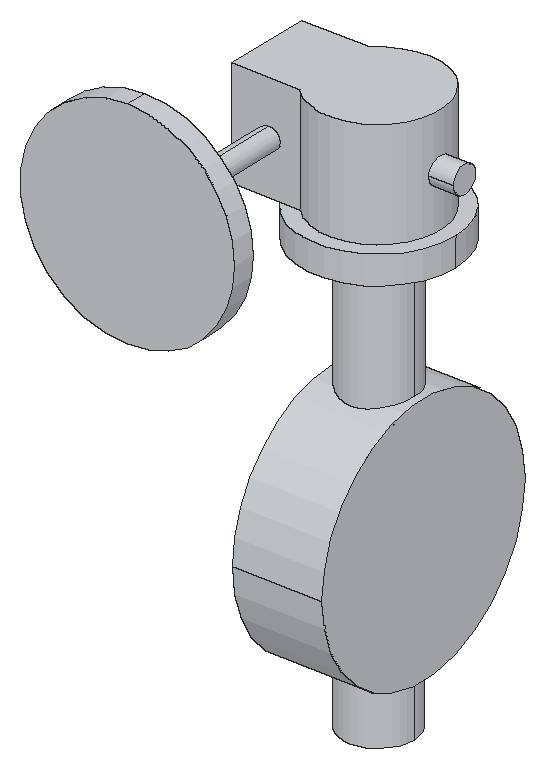
Revit family "HS497-68_disk-nerez_převodové kolo DN100-RFA_2018", category Pipe Accessories, Revit 2018
Family settings
  Round Connector Dimension = Use Diameter
  Part Type = Valve - Breaks Into
  Work Plane-Based = No
  Always vertical = Yes
  Cut with Voids When Loaded = No
  Shared = No
Parameters (values of type "HS 497-68_DN100_PN16_převodové kolo")
  magiProductId = "11e91b807e674d428c8e796fcdcfe2"
  magiProductFamilyId = "53cea81e6f374d17b8841d9c72ad77"
  magiPartTypeId = 305
  isMeasuringValve [instance] = no
  ang2D [instance] = 0.00°
  X11 = 61.456 mm
  X1 = 25.456 mm
  W2D = 1000 mm
  VersionID = "2.0/2017.9.26.1/ZETKAMA_497_001"
  Use Minimum Symbol Size [instance] = yes
  URL = "http://www.hydronic.cz"
  Type Comments = "mezipřírubová; nerezový disk; PN16; -10~+110°C (krátkodobě +120°C)"
  SW30 = yes
  SW3 = yes
  SW21 = no
  SW20 = no
  SW2 = no
  SW1 = no
  R = 50 mm
  QmdConnectorList = "301;D;302;D"
  Productdata [instance] = ""
  NC = 50 mm
  Manufacturer = "Hydronic Systems Prague s.r.o."
  MM20 = 25.456 mm
  MC Product Code = "126 100 (nerezový disk, s převodovým kolem; DN100; PN16, kvs512)"
  M41 = 65.25 mm
  M4 = 43.5 mm
  LHL = 220 mm
  LHH3 = 2.45 mm
  LHH1 = 46.55 mm
  LH1 = 73.333 mm
  L4R__ve = -L4R  # -12.8 mm
  L4R = 12.8 mm
  L42__ve = -L42  # -96 mm
  L42 = 96 mm
  L41__ve = -L41  # -19.2 mm
  L41 = 19.2 mm
  L2D_Min = 3048 mm
  L2D = 216 mm
  L2 = 26 mm
  L1 = 41.6 mm
  L = 52 mm
  H = 30 mm
  G22 = 11.25 mm
  G2 = 22.5 mm
  G1 = 90 mm
  G = 90 mm
  F = 11 mm
  E44 = 31.25 mm
  E42 = 62.5 mm
  E4 = 125 mm
  E23 = 4.9 mm
  E22 = 19.6 mm
  E21 = 9.8 mm
  Description = "Mezipřírubová uzavírací klapka s převodovým kolem; nerezový disk, DN100; PN16; kvs512"
  DR2 = 50 mm
  DR = 147 mm
  DD1 = 15.625 mm
  DD = 12.5 mm
  D = 100 mm
  CAT0 = yes
  B2__ve = -B2  # -56 mm
  B2 = 56 mm
  A2 = 16.5 mm
  A1 = 98.5 mm
Types (43, lengths in mm): name | magiProductId | X11 | X1 | Type Comments | SW30 | SW3 | SW20 | SW2 | SW1 | R | NC | Manufacturer | MM20 | MC Product Code | M41 | M4 | LHL | LHH3 | LHH1 | LH1 | L4R__ve | L4R | L42__ve | L42 | L41__ve | L41 | L2 | L1 | L | H | G | F | E44 | E42 | E4 | E23 | E22 | E21 | Description | DR2 | DR | DD1 | DD | D | B2__ve | B2 | A2 | A1
  HS 497-68_DN100_PN16_volné vřeteno | "65d1b245f4f142c78569c0602d5754" | 61.456 | 25.456 | "mezipřírubová; nerezový disk; PN16; -10~+110°C (krátkodobě +120°C)" | no | no | no | no | yes | 50 | 50 | "Hydronic Systems Prague s.r.o." | 25.456 | "124 100 (nerezový disk, s volným vřetenem; DN100; PN16, kvs512)" | 66 | 44 | 220 | 2.45 | 46.55 | 73.333 | -12.8 | 12.8 | -96 | 96 | -19.2 | 19.2 | 26 | 41.6 | 52 | 30 | 90 | 11 | 31.25 | 62.5 | 125 | 4.9 | 19.6 | 9.8 | "Mezipřírubová uzavírací klapka s volným vřetenem; nerezový disk, DN100; PN16; kvs512" | 50 | 147 | 15.625 | 12.5 | 100 | -56 | 56 | 16.5 | 98.5
  HS 497-68_DN100_PN16_převodové kolo | "11e91b807e674d428c8e796fcdcfe2" | 61.456 | 25.456 | "mezipřírubová; nerezový disk; PN16; -10~+110°C (krátkodobě +120°C)" | yes | yes | no | no | no | 50 | 50 | "Hydronic Systems Prague s.r.o." | 25.456 | "126 100 (nerezový disk, s převodovým kolem; DN100; PN16, kvs512)" | 65.25 | 43.5 | 220 | 2.45 | 46.55 | 73.333 | -12.8 | 12.8 | -96 | 96 | -19.2 | 19.2 | 26 | 41.6 | 52 | 30 | 90 | 11 | 31.25 | 62.5 | 125 | 4.9 | 19.6 | 9.8 | "Mezipřírubová uzavírací klapka s převodovým kolem; nerezový disk, DN100; PN16; kvs512" | 50 | 147 | 15.625 | 12.5 | 100 | -56 | 56 | 16.5 | 98.5
  HS 497-68_DN100_PN16_s pákou | "28172f0b3f4b47b28323ac71cf8749" | 61.456 | 25.456 | "mezipřírubová; nerezový disk; PN16; -10~+110°C (krátkodobě +120°C)" | no | no | yes | yes | no | 50 | 50 | "Hydronic Systems Prague s.r.o." | 25.456 | "121 100 (nerezový disk, s pákou; DN100; PN16, kvs512)" | 66 | 44 | 260 | 3 | 57 | 86.667 | -12.8 | 12.8 | -96 | 96 | -19.2 | 19.2 | 26 | 41.6 | 52 | 30 | 90 | 11 | 31.25 | 62.5 | 125 | 6 | 24 | 12 | "Mezipřírubová uzavírací klapka s pákou; nerezový disk, DN100; PN16; kvs512" | 50 | 147 | 15.625 | 12.5 | 100 | -56 | 56 | 16.5 | 98.5
  HS 497-68_DN125_PN16_volné vřeteno | "0d813d910fc14f628bb3c2efbd185c" | 61.456 | 25.456 | "mezipřírubová; nerezový disk; PN16; -10~+110°C (krátkodobě +120°C)" | no | no | no | no | yes | 62.5 | 50 | "Hydronic Systems Prague s.r.o." | 25.456 | "124 125 (nerezový disk, s volným vřetenem; DN125; PN16, kvs872)" | 66 | 44 | 220 | 2.45 | 46.55 | 73.333 | -12.8 | 12.8 | -96 | 96 | -19.2 | 19.2 | 28 | 44.8 | 56 | 33 | 90 | 14 | 31.25 | 62.5 | 125 | 4.9 | 19.6 | 9.8 | "Mezipřírubová uzavírací klapka s volným vřetenem; nerezový disk, DN125; PN16; kvs872" | 62.5 | 180 | 15.625 | 12.5 | 125 | -64 | 64 | 18 | 99.5
  HS 497-68_DN125_PN16_převodové kolo | "c56b7c13f372467684996fb1e0e229" | 61.456 | 25.456 | "mezipřírubová; nerezový disk; PN16; -10~+110°C (krátkodobě +120°C)" | yes | yes | no | no | no | 62.5 | 50 | "Hydronic Systems Prague s.r.o." | 25.456 | "126125 (nerezový disk, s převodovým kolem; DN125; PN16, kvs872)" | 65.25 | 43.5 | 220 | 2.45 | 46.55 | 73.333 | -13.5 | 13.5 | -101.25 | 101.25 | -20.25 | 20.25 | 28 | 44.8 | 56 | 33 | 90 | 14 | 40 | 80 | 160 | 4.9 | 19.6 | 9.8 | "Mezipřírubová uzavírací klapka s převodovým kolem; nerezový disk, DN125; PN16; kvs872" | 62.5 | 180 | 20 | 16 | 125 | -64 | 64 | 18 | 99.5
  HS 497-68_DN125_PN16_s pákou | "105993c79a91492399feef7931321a" | 61.456 | 25.456 | "mezipřírubová; nerezový disk; PN16; -10~+110°C (krátkodobě +120°C)" | no | no | yes | yes | no | 62.5 | 50 | "Hydronic Systems Prague s.r.o." | 25.456 | "121 125 (nerezový disk, s pákou; DN125; PN16, kvs872)" | 66 | 44 | 315 | 3.75 | 71.25 | 105 | -12.8 | 12.8 | -96 | 96 | -19.2 | 19.2 | 28 | 44.8 | 56 | 33 | 90 | 14 | 31.25 | 62.5 | 125 | 7.5 | 30 | 15 | "Mezipřírubová uzavírací klapka s pákou; nerezový disk, DN125; PN16; kvs872" | 62.5 | 180 | 15.625 | 12.5 | 125 | -64 | 64 | 18 | 99.5
  HS 497-68_DN150_PN16_volné vřeteno | "50c80cb8ab434f55ab7796e5ac1331" | 61.456 | 25.456 | "mezipřírubová; nerezový disk; PN16; -10~+110°C (krátkodobě +120°C)" | no | no | no | no | yes | 75 | 50 | "Hydronic Systems Prague s.r.o." | 25.456 | "124 150 (nerezový disk, s volným vřetenem; DN150; PN16, kvs1347)" | 66 | 44 | 220 | 2.45 | 46.55 | 73.333 | -12.8 | 12.8 | -96 | 96 | -19.2 | 19.2 | 28 | 44.8 | 56 | 33 | 90 | 14 | 31.25 | 62.5 | 125 | 4.9 | 19.6 | 9.8 | "Mezipřírubová uzavírací klapka s volným vřetenem; nerezový disk, DN150; PN16; kvs1347" | 75 | 206 | 15.625 | 12.5 | 150 | -58 | 58 | 19.3 | 98.7
  HS 497-68_DN150_PN16_převodové kolo | "d94a1a0cf83b476eb10011b327f709" | 61.456 | 25.456 | "mezipřírubová; nerezový disk; PN16; -10~+110°C (krátkodobě +120°C)" | yes | yes | no | no | no | 75 | 50 | "Hydronic Systems Prague s.r.o." | 25.456 | "126 150 (nerezový disk, s převodovým kolem; DN150; PN16, kvs1347)" | 65.25 | 43.5 | 220 | 2.45 | 46.55 | 73.333 | -13.5 | 13.5 | -101.25 | 101.25 | -20.25 | 20.25 | 28 | 44.8 | 56 | 33 | 90 | 14 | 40 | 80 | 160 | 4.9 | 19.6 | 9.8 | "Mezipřírubová uzavírací klapka s převodovým kolem; nerezový disk, DN150; PN16; kvs1347" | 75 | 206 | 20 | 16 | 150 | -58 | 58 | 19.3 | 98.7
  HS 497-68_DN150_PN16_s pákou | "4d2835523fe84828bc50ff0a5a0dfb" | 61.456 | 25.456 | "mezipřírubová; nerezový disk; PN16; -10~+110°C (krátkodobě +120°C)" | no | no | yes | yes | no | 75 | 50 | "Hydronic Systems Prague s.r.o." | 25.456 | "121 150 (nerezový disk, s pákou; DN150; PN16, kvs1347)" | 66 | 44 | 315 | 3.75 | 71.25 | 105 | -12.8 | 12.8 | -96 | 96 | -19.2 | 19.2 | 28 | 44.8 | 56 | 33 | 90 | 14 | 31.25 | 62.5 | 125 | 7.5 | 30 | 15 | "Mezipřírubová uzavírací klapka s pákou; nerezový disk, DN150; PN16; kvs1347" | 75 | 206 | 15.625 | 12.5 | 150 | -58 | 58 | 19.3 | 98.7
  HS 497-68_DN200_PN16_volné vřeteno | "5b29029eaeba47139ee1055a4b9201" | 61.456 | 25.456 | "mezipřírubová; nerezový disk; PN16; -10~+110°C (krátkodobě +120°C)" | no | no | no | no | yes | 100 | 50 | "Hydronic Systems Prague s.r.o." | 25.456 | "124 200 (nerezový disk, s volným vřetenem; DN200; PN16, kvs2675)" | 66 | 44 | 220 | 2.45 | 46.55 | 73.333 | -12.8 | 12.8 | -96 | 96 | -19.2 | 19.2 | 30 | 48 | 60 | 33 | 90 | 17 | 31.25 | 62.5 | 125 | 4.9 | 19.6 | 9.8 | "Mezipřírubová uzavírací klapka s volným vřetenem; nerezový disk, DN200; PN16; kvs2675" | 100 | 257 | 15.625 | 12.5 | 200 | -70 | 70 | 22.5 | 102.5
  HS 497-68_DN200_PN16_převodové kolo | "b2793cc1fcc44cf2a35062cd67c04f" | 61.456 | 25.456 | "mezipřírubová; nerezový disk; PN16; -10~+110°C (krátkodobě +120°C)" | yes | yes | no | no | no | 100 | 57 | "Hydronic Systems Prague s.r.o." | 25.456 | "126 200 (nerezový disk, s převodovým kolem; DN200; PN16, kvs2675)" | 78.75 | 52.5 | 220 | 2.45 | 46.55 | 73.333 | -15.2 | 15.2 | -114 | 114 | -22.8 | 22.8 | 30 | 48 | 60 | 33 | 90 | 17 | 50 | 100 | 200 | 4.9 | 19.6 | 9.8 | "Mezipřírubová uzavírací klapka s převodovým kolem; nerezový disk, DN200; PN16; kvs2675" | 100 | 257 | 25 | 20 | 200 | -70 | 70 | 22.5 | 102.5
  HS 497-68_DN200_PN16_s pákou | "f88d96c7af224537a51e72d7d8fffe" | 61.456 | 25.456 | "mezipřírubová; nerezový disk; PN16; -10~+110°C (krátkodobě +120°C)" | no | no | yes | yes | no | 100 | 50 | "Hydronic Systems Prague s.r.o." | 25.456 | "121 200 (nerezový disk, s pákou; DN200; PN16, kvs2675)" | 66 | 44 | 315 | 3.75 | 71.25 | 105 | -12.8 | 12.8 | -96 | 96 | -19.2 | 19.2 | 30 | 48 | 60 | 33 | 90 | 17 | 31.25 | 62.5 | 125 | 7.5 | 30 | 15 | "Mezipřírubová uzavírací klapka s pákou; nerezový disk, DN200; PN16; kvs2675" | 100 | 257 | 15.625 | 12.5 | 200 | -70 | 70 | 22.5 | 102.5
  HS 497-68_DN250_PN16_volné vřeteno | "b662e8305ca2402b9c510e66e6aa55" | 88.77 | 36.77 | "mezipřírubová; nerezový disk; PN16; -10~+110°C (krátkodobě +120°C)" | no | no | no | no | yes | 125 | 50 | "Hydronic Systems Prague s.r.o." | 36.77 | "124 250 (nerezový disk, s volným vřetenem; DN250; PN16, kvs4555)" | 66 | 44 | 220 | 2.45 | 46.55 | 73.333 | -12.8 | 12.8 | -96 | 96 | -19.2 | 19.2 | 34 | 54.4 | 68 | 23 | 130 | 22 | 31.25 | 62.5 | 125 | 4.9 | 19.6 | 9.8 | "Mezipřírubová uzavírací klapka s volným vřetenem; nerezový disk, DN250; PN16; kvs4555" | 125 | 324 | 15.625 | 12.5 | 250 | -85 | 85 | 28.25 | 129.25
  HS 497-68_DN250_PN16_převodové kolo | "5ee9016806664ddfaa2632711f295c" | 88.77 | 36.77 | "mezipřírubová; nerezový disk; PN16; -10~+110°C (krátkodobě +120°C)" | yes | yes | no | no | no | 125 | 70 | "Hydronic Systems Prague s.r.o." | 36.77 | "126 250 (nerezový disk, s převodovým kolem; DN250; PN16, kvs4555)" | 91.5 | 61 | 220 | 2.45 | 46.55 | 73.333 | -22.2 | 22.2 | -166.5 | 166.5 | -33.3 | 33.3 | 34 | 54.4 | 68 | 23 | 130 | 22 | 62.5 | 125 | 250 | 4.9 | 19.6 | 9.8 | "Mezipřírubová uzavírací klapka s převodovým kolem; nerezový disk, DN250; PN16; kvs4555" | 125 | 324 | 31.25 | 25 | 250 | -85 | 85 | 28.25 | 129.25
  HS 497-68_DN300_PN16_volné vřeteno | "e1886f51ff004380a649519258edf2" | 88.77 | 36.77 | "mezipřírubová; nerezový disk; PN16; -10~+110°C (krátkodobě +120°C)" | no | no | no | no | yes | 150 | 50 | "Hydronic Systems Prague s.r.o." | 36.77 | "124 300 (nerezový disk, s volným vřetenem; DN300; PN16, kvs7037)" | 66 | 44 | 220 | 2.45 | 46.55 | 73.333 | -12.8 | 12.8 | -96 | 96 | -19.2 | 19.2 | 39 | 62.4 | 78 | 23 | 130 | 22 | 31.25 | 62.5 | 125 | 4.9 | 19.6 | 9.8 | "Mezipřírubová uzavírací klapka s volným vřetenem; nerezový disk, DN300; PN16; kvs7037" | 150 | 376 | 15.625 | 12.5 | 300 | -90 | 90 | 30.8 | 127.2
  HS 497-68_DN300_PN16_převodové kolo | "6860f094f77d42088fbebc3c97f755" | 88.77 | 36.77 | "mezipřírubová; nerezový disk; PN16; -10~+110°C (krátkodobě +120°C)" | yes | yes | no | no | no | 150 | 70 | "Hydronic Systems Prague s.r.o." | 36.77 | "126 300 (nerezový disk, s převodovým kolem; DN300; PN16, kvs7037)" | 91.5 | 61 | 220 | 2.45 | 46.55 | 73.333 | -22.2 | 22.2 | -166.5 | 166.5 | -33.3 | 33.3 | 39 | 62.4 | 78 | 23 | 130 | 22 | 62.5 | 125 | 250 | 4.9 | 19.6 | 9.8 | "Mezipřírubová uzavírací klapka s převodovým kolem; nerezový disk, DN300; PN16; kvs7037" | 150 | 376 | 31.25 | 25 | 300 | -90 | 90 | 30.8 | 127.2
  HS 497-68_DN032_PN16_volné vřeteno | "8c5f65de52aa4067a77564107e31b2" | 61.456 | 25.456 | "mezipřírubová; nerezový disk; PN16; -10~+110°C (krátkodobě +120°C)" | no | no | no | no | yes | 16 | 50 | "Hydronic Systems Prague s.r.o." | 25.456 | "124 032 (nerezový disk, s volným vřetenem; DN32; PN16, kvs78)" | 66 | 44 | 220 | 2.45 | 46.55 | 73.333 | -12.8 | 12.8 | -96 | 96 | -19.2 | 19.2 | 16.5 | 26.4 | 33 | 30 | 90 | 11 | 31.25 | 62.5 | 125 | 4.9 | 19.6 | 9.8 | "Mezipřírubová uzavírací klapka s volným vřetenem; nerezový disk, DN32; PN16; kvs78" | 16 | 68 | 15.625 | 12.5 | 32 | -44.2 | 44.2 | 10.25 | 76.25
  HS 497-68_DN032_PN16_převodové kolo | "60aaeffa8b3a4e809ef000e4660060" | 61.456 | 25.456 | "mezipřírubová; nerezový disk; PN16; -10~+110°C (krátkodobě +120°C)" | yes | yes | no | no | no | 16 | 50 | "Hydronic Systems Prague s.r.o." | 25.456 | "126 032 (nerezový disk, s převodovým kolem; DN32; PN16, kvs78)" | 65.25 | 43.5 | 220 | 2.45 | 46.55 | 73.333 | -12.8 | 12.8 | -96 | 96 | -19.2 | 19.2 | 16.5 | 26.4 | 33 | 30 | 90 | 11 | 31.25 | 62.5 | 125 | 4.9 | 19.6 | 9.8 | "Mezipřírubová uzavírací klapka s převodovým kolem; nerezový disk, DN32; PN16; kvs78" | 16 | 68 | 15.625 | 12.5 | 32 | -44.2 | 44.2 | 10.25 | 76.25
  HS 497-68_DN032_PN16_s pákou | "9ad8088d610749a1b871aa2aad8007" | 61.456 | 25.456 | "mezipřírubová; nerezový disk; PN16; -10~+110°C (krátkodobě +120°C)" | no | no | yes | yes | no | 16 | 50 | "Hydronic Systems Prague s.r.o." | 25.456 | "121 032 (nerezový disk, s pákou; DN32; PN16, kvs78)" | 66 | 44 | 220 | 2.45 | 46.55 | 73.333 | -12.8 | 12.8 | -96 | 96 | -19.2 | 19.2 | 16.5 | 26.4 | 33 | 30 | 90 | 11 | 31.25 | 62.5 | 125 | 4.9 | 19.6 | 9.8 | "Mezipřírubová uzavírací klapka s pákou; nerezový disk, DN32; PN16; kvs78" | 16 | 68 | 15.625 | 12.5 | 32 | -44.2 | 44.2 | 10.25 | 76.25
  HS 497-68_DN350_PN10_volné vřeteno | "72a1e05f22944421b7e9596a877137" | 109.255 | 45.255 | "mezipřírubová; nerezový disk; PN10; -10~+110°C (krátkodobě +120°C)" | no | no | no | no | yes | 175 | 50 | "Hydronic Systems Prague s.r.o." | 45.255 | "124 350 (nerezový disk, s volným vřetenem; DN350; PN10, kvs10165)" | 66 | 44 | 220 | 2.45 | 46.55 | 73.333 | -12.8 | 12.8 | -96 | 96 | -19.2 | 19.2 | 39 | 62.4 | 78 | 31 | 160 | 22 | 31.25 | 62.5 | 125 | 4.9 | 19.6 | 9.8 | "Mezipřírubová uzavírací klapka s volným vřetenem; nerezový disk, DN350; PN10; kvs10165" | 175 | 430 | 15.625 | 12.5 | 350 | -88 | 88 | 33.85 | 129.65
  HS 497-68_DN350_PN10_převodové kolo | "a5a01426cb28494ba3afca92f1dace" | 109.255 | 45.255 | "mezipřírubová; nerezový disk; PN10; -10~+110°C (krátkodobě +120°C)" | yes | yes | no | no | no | 175 | 70 | "Hydronic Systems Prague s.r.o." | 45.255 | "126 350 (nerezový disk, s převodovým kolem; DN350; PN10, kvs10165)" | 91.5 | 61 | 220 | 2.45 | 46.55 | 73.333 | -22.2 | 22.2 | -166.5 | 166.5 | -33.3 | 33.3 | 39 | 62.4 | 78 | 31 | 160 | 22 | 62.5 | 125 | 250 | 4.9 | 19.6 | 9.8 | "Mezipřírubová uzavírací klapka s převodovým kolem; nerezový disk, DN350; PN10; kvs10165" | 175 | 430 | 31.25 | 25 | 350 | -88 | 88 | 33.85 | 129.65
  HS 497-68_DN400_PN10_volné vřeteno | "c70ebeb927c04ab99b176e257ad0a7" | 109.255 | 45.255 | "mezipřírubová; nerezový disk; PN10; -10~+110°C (krátkodobě +120°C)" | no | no | no | no | yes | 200 | 50 | "Hydronic Systems Prague s.r.o." | 45.255 | "124 400 (nerezový disk, s volným vřetenem; DN400; PN10, kvs13799)" | 66 | 44 | 220 | 2.45 | 46.55 | 73.333 | -12.8 | 12.8 | -96 | 96 | -19.2 | 19.2 | 51 | 81.6 | 102 | 31 | 160 | 27 | 31.25 | 62.5 | 125 | 4.9 | 19.6 | 9.8 | "Mezipřírubová uzavírací klapka s volným vřetenem; nerezový disk, DN400; PN10; kvs13799" | 200 | 485 | 15.625 | 12.5 | 400 | -108 | 108 | 38 | 142
  HS 497-68_DN400_PN10_převodové kolo | "cc64a4384dcb41b780d81810f4f293" | 109.255 | 45.255 | "mezipřírubová; nerezový disk; PN10; -10~+110°C (krátkodobě +120°C)" | yes | yes | no | no | no | 200 | 72.5 | "Hydronic Systems Prague s.r.o." | 45.255 | "126 400 (nerezový disk, s převodovým kolem; DN400; PN10, kvs13799)" | 103.5 | 69 | 220 | 2.45 | 46.55 | 73.333 | -27.8 | 27.8 | -208.5 | 208.5 | -41.7 | 41.7 | 51 | 81.6 | 102 | 31 | 160 | 27 | 75 | 150 | 300 | 4.9 | 19.6 | 9.8 | "Mezipřírubová uzavírací klapka s převodovým kolem; nerezový disk, DN400; PN10; kvs13799" | 200 | 485 | 37.5 | 30 | 400 | -108 | 108 | 38 | 142
  HS 497-68_DN040_PN16_volné vřeteno | "35f92312390745e88df5b5c325d9ee" | 61.456 | 25.456 | "mezipřírubová; nerezový disk; PN16; -10~+110°C (krátkodobě +120°C)" | no | no | no | no | yes | 20 | 50 | "Hydronic Systems Prague s.r.o." | 25.456 | "124 040 (nerezový disk, s volným vřetenem; DN40; PN16, kvs78)" | 66 | 44 | 220 | 2.45 | 46.55 | 73.333 | -12.8 | 12.8 | -96 | 96 | -19.2 | 19.2 | 16.5 | 26.4 | 33 | 30 | 90 | 11 | 31.25 | 62.5 | 125 | 4.9 | 19.6 | 9.8 | "Mezipřírubová uzavírací klapka s volným vřetenem; nerezový disk, DN40; PN16; kvs78" | 20 | 76 | 15.625 | 12.5 | 40 | -36 | 36 | 11 | 79
  HS 497-68_DN040_PN16_převodové kolo | "d88e968eae3445bc9b7b4e6ff35127" | 61.456 | 25.456 | "mezipřírubová; nerezový disk; PN16; -10~+110°C (krátkodobě +120°C)" | yes | yes | no | no | no | 20 | 50 | "Hydronic Systems Prague s.r.o." | 25.456 | "126 040 (nerezový disk, s převodovým kolem; DN40; PN16, kvs78)" | 65.25 | 43.5 | 220 | 2.45 | 46.55 | 73.333 | -12.8 | 12.8 | -96 | 96 | -19.2 | 19.2 | 16.5 | 26.4 | 33 | 30 | 90 | 11 | 31.25 | 62.5 | 125 | 4.9 | 19.6 | 9.8 | "Mezipřírubová uzavírací klapka s převodovým kolem; nerezový disk, DN40; PN16; kvs78" | 20 | 76 | 15.625 | 12.5 | 40 | -36 | 36 | 11 | 79
  HS 497-68_DN040_PN16_s pákou | "c1b522ca65b4407a98818f232eaacb" | 61.456 | 25.456 | "mezipřírubová; nerezový disk; PN16; -10~+110°C (krátkodobě +120°C)" | no | no | yes | yes | no | 20 | 50 | "Hydronic Systems Prague s.r.o." | 25.456 | "121 040 (nerezový disk, s pákou; DN40; PN16, kvs78)" | 66 | 44 | 220 | 2.45 | 46.55 | 73.333 | -12.8 | 12.8 | -96 | 96 | -19.2 | 19.2 | 16.5 | 26.4 | 33 | 30 | 90 | 11 | 31.25 | 62.5 | 125 | 4.9 | 19.6 | 9.8 | "Mezipřírubová uzavírací klapka s pákou; nerezový disk, DN40; PN16; kvs78" | 20 | 76 | 15.625 | 12.5 | 40 | -36 | 36 | 11 | 79
  HS 497-68_DN450_PN10_volné vřeteno | "a8358bc282f14872b3194e530e590a" | 129.74 | 53.74 | "mezipřírubová; nerezový disk; PN10; -10~+110°C (krátkodobě +120°C)" | no | no | no | no | yes | 225 | 50 | "Hydronic Systems Prague s.r.o." | 53.74 | "124 450 (nerezový disk, s volným vřetenem; DN450; PN10, kvs18514)" | 66 | 44 | 220 | 2.45 | 46.55 | 73.333 | -12.8 | 12.8 | -96 | 96 | -19.2 | 19.2 | 57 | 91.2 | 114 | 38 | 190 | 36 | 31.25 | 62.5 | 125 | 4.9 | 19.6 | 9.8 | "Mezipřírubová uzavírací klapka s volným vřetenem; nerezový, DN450; PN10; kvs18514" | 225 | 536 | 15.625 | 12.5 | 450 | -115 | 115 | 38.05 | 117.45
  HS 497-68_DN450_PN10_převodové kolo | "cdf2d80f54a9414f9cbe50647c0ebd" | 129.74 | 53.74 | "mezipřírubová; nerezový disk; PN10; -10~+110°C (krátkodobě +120°C)" | yes | yes | no | no | no | 225 | 91.5 | "Zetkama" | 53.74 | "126 450 (nerezový disk, s převodovým kolem; DN450; PN10, kvs18514)" | 144.75 | 96.5 | 220 | 2.45 | 46.55 | 73.333 | -32.1 | 32.1 | -240.75 | 240.75 | -48.15 | 48.15 | 57 | 91.2 | 114 | 38 | 190 | 36 | 100 | 200 | 400 | 4.9 | 19.6 | 9.8 | "Mezipřírubová uzavírací klapka s převodovým kolem; nerezový disk, DN450; PN10; kvs18514" | 225 | 536 | 50 | 40 | 450 | -115 | 115 | 38.05 | 117.45
  HS 497-68_DN500_PN10_volné vřeteno | "8c396e27bb2743f98f3c762b6517cd" | 143.397 | 59.397 | "mezipřírubová; nerezový disk; PN10; -10~+110°C (krátkodobě +120°C)" | no | no | no | no | yes | 250 | 50 | "Hydronic Systems Prague s.r.o." | 59.397 | "124 500 (nerezový disk, s volným vřetenem; DN500; PN10, kvs23805)" | 66 | 44 | 220 | 2.45 | 46.55 | 73.333 | -12.8 | 12.8 | -96 | 96 | -19.2 | 19.2 | 63.5 | 101.6 | 127 | 38 | 210 | 36 | 31.25 | 62.5 | 125 | 4.9 | 19.6 | 9.8 | "Mezipřírubová uzavírací klapka s volným vřetenem; nerezový disk, DN500; PN10; kvs23805" | 250 | 593 | 15.625 | 12.5 | 500 | -130 | 130 | 43.25 | 139.25
  HS 497-68_DN500_PN10_převodové kolo | "7647804f32e94cef828a7034a91a46" | 143.397 | 59.397 | "mezipřírubová; nerezový disk; PN10; -10~+110°C (krátkodobě +120°C)" | yes | yes | no | no | no | 250 | 91.5 | "Zetkama" | 59.397 | "126 500 (nerezový disk, s převodovým kolem; DN500; PN10, kvs23805)" | 144.75 | 96.5 | 220 | 2.45 | 46.55 | 73.333 | -32.1 | 32.1 | -240.75 | 240.75 | -48.15 | 48.15 | 63.5 | 101.6 | 127 | 38 | 210 | 36 | 100 | 200 | 400 | 4.9 | 19.6 | 9.8 | "Mezipřírubová uzavírací klapka s převodovým kolem; nerezový disk, DN500; PN10; kvs23805" | 250 | 593 | 50 | 40 | 500 | -130 | 130 | 43.25 | 139.25
  HS 497-68_DN050_volné vřeteno | "d71f296ecd6d4adf8f6e5d9853b4e0" | 61.456 | 25.456 | "mezipřírubová; nerezový disk; PN16; -10~+110°C (krátkodobě +120°C)" | no | no | no | no | yes | 25 | 50 | "Hydronic Systems Prague s.r.o." | 25.456 | "124 050 (nerezový disk, s volným vřetenem; DN50; PN16, kvs98)" | 66 | 44 | 220 | 2.45 | 46.55 | 73.333 | -12.8 | 12.8 | -96 | 96 | -19.2 | 19.2 | 21.5 | 34.4 | 43 | 30 | 90 | 11 | 31.25 | 62.5 | 125 | 4.9 | 19.6 | 9.8 | "Mezipřírubová uzavírací klapka s volným vřetenem; nerezový disk, DN50; PN16; kvs98" | 25 | 100 | 15.625 | 12.5 | 50 | -36.5 | 36.5 | 12 | 83
  HS 497-68_DN050_PN16_převodové kolo | "2fb080deeaed49c58418b94c1da5a4" | 61.456 | 25.456 | "mezipřírubová; nerezový disk; PN16; -10~+110°C (krátkodobě +120°C)" | yes | yes | no | no | no | 25 | 50 | "Hydronic Systems Prague s.r.o." | 25.456 | "126 050 (nerezový disk, s převodovým kolem; DN50; PN16, kvs98)" | 65.25 | 43.5 | 220 | 2.45 | 46.55 | 73.333 | -12.8 | 12.8 | -96 | 96 | -19.2 | 19.2 | 21.5 | 34.4 | 43 | 30 | 90 | 11 | 31.25 | 62.5 | 125 | 4.9 | 19.6 | 9.8 | "Mezipřírubová uzavírací klapka s převodovým kolem; nerezový disk, DN50; PN16; kvs98" | 25 | 100 | 15.625 | 12.5 | 50 | -36.5 | 36.5 | 12 | 83
  HS 497-68_DN050_PN16_s pákou | "dabc632061f94877a994b9b4e68112" | 61.456 | 25.456 | "mezipřírubová; nerezový disk; PN16; -10~+110°C (krátkodobě +120°C)" | no | no | yes | yes | no | 25 | 50 | "Hydronic Systems Prague s.r.o." | 25.456 | "121 050 (nerezový disk, s pákou; DN50; PN16, kvs98)" | 66 | 44 | 220 | 2.45 | 46.55 | 73.333 | -12.8 | 12.8 | -96 | 96 | -19.2 | 19.2 | 21.5 | 34.4 | 43 | 30 | 90 | 11 | 31.25 | 62.5 | 125 | 4.9 | 19.6 | 9.8 | "Mezipřírubová uzavírací klapka s pákou; nerezový disk, DN50; PN16; kvs98" | 25 | 100 | 15.625 | 12.5 | 50 | -36.5 | 36.5 | 12 | 83
  HS 497-68_DN600_PN10_volné vřeteno | "99d5892c14664fce81a7c5903f7711" | 143.397 | 59.397 | "mezipřírubová; nerezový disk; PN10; -10~+110°C (krátkodobě +120°C)" | no | no | no | no | yes | 300 | 50 | "Hydronic Systems Prague s.r.o." | 59.397 | "124 600 (nerezový disk, s volným vřetenem; DN600; PN10, kvs36778)" | 66 | 44 | 220 | 2.45 | 46.55 | 73.333 | -12.8 | 12.8 | -96 | 96 | -19.2 | 19.2 | 77 | 123.2 | 154 | 80 | 210 | 60 | 31.25 | 62.5 | 125 | 4.9 | 19.6 | 9.8 | "Mezipřírubová uzavírací klapka s volným vřetenem; nerezový disk, DN600; PN10; kvs36788" | 300 | 690 | 15.625 | 12.5 | 600 | -140 | 140 | 49.4 | 144.6
  HS 497-68_DN600_PN10_převodové kolo | "b1e26faab48a4c499f6bb11e7e3002" | 143.397 | 59.397 | "mezipřírubová; lnerezový disk; PN10; -10~+110°C (krátkodobě +120°C)" | yes | yes | no | no | no | 300 | 140 | "Hydronic Systems Prague s.r.o." | 59.397 | "126 600 (nerezový disk, s převodovým kolem; DN600; PN10, kvs36778)" | 206.25 | 137.5 | 220 | 2.45 | 46.55 | 73.333 | -40.8 | 40.8 | -306 | 306 | -61.2 | 61.2 | 77 | 123.2 | 154 | 80 | 210 | 60 | 125 | 250 | 500 | 4.9 | 19.6 | 9.8 | "Mezipřírubová uzavírací klapka s převodovým kolem; nerezový disk, DN600; PN10; kvs36788" | 300 | 690 | 62.5 | 50 | 600 | -140 | 140 | 49.4 | 144.6
  HS 497-68_DN065_PN16_volné vřeteno | "5e5e208646e34ec29f889baab5d08e" | 61.456 | 25.456 | "mezipřírubová; lnerezový disk; PN16; -10~+110°C (krátkodobě +120°C)" | no | no | no | no | yes | 32.5 | 50 | "Hydronic Systems Prague s.r.o." | 25.456 | "124 065 (nerezový disk, s volným vřetenem; DN65; PN16, kvs167)" | 66 | 44 | 220 | 2.45 | 46.55 | 73.333 | -12.8 | 12.8 | -96 | 96 | -19.2 | 19.2 | 23 | 36.8 | 46 | 30 | 90 | 11 | 31.25 | 62.5 | 125 | 4.9 | 19.6 | 9.8 | "Mezipřírubová uzavírací klapka s volným vřetenem; nerezový disk, DN65; PN16; kv167" | 32.5 | 108 | 15.625 | 12.5 | 65 | -36.5 | 36.5 | 13.5 | 89
  HS 497-68_DN065_PN16_převodové kolo | "654d74c8d15540b0bfe523d988ccb3" | 61.456 | 25.456 | "mezipřírubová; nerezový disk; PN16; -10~+110°C (krátkodobě +120°C)" | yes | yes | no | no | no | 32.5 | 50 | "Hydronic Systems Prague s.r.o." | 25.456 | "126 065 (nerezový disk, s převodovým kolem; DN65; PN16, kvs167)" | 65.25 | 43.5 | 220 | 2.45 | 46.55 | 73.333 | -12.8 | 12.8 | -96 | 96 | -19.2 | 19.2 | 23 | 36.8 | 46 | 30 | 90 | 11 | 31.25 | 62.5 | 125 | 4.9 | 19.6 | 9.8 | "Mezipřírubová uzavírací klapka s převodovým kolem; nerezový disk, DN65; PN16; kvs167" | 32.5 | 108 | 15.625 | 12.5 | 65 | -36.5 | 36.5 | 13.5 | 89
  HS 497-68_DN065_PN16_s pákou | "ebeb4b59db0641caaf6d6635ab37b9" | 61.456 | 25.456 | "mezipřírubová; nerezový disk; PN16; -10~+110°C (krátkodobě +120°C)" | no | no | yes | yes | no | 32.5 | 50 | "Hydronic Systems Prague s.r.o." | 25.456 | "121 065 (nerezový disk, s pákou; DN65; PN16, kvs167)" | 66 | 44 | 220 | 2.45 | 46.55 | 73.333 | -12.8 | 12.8 | -96 | 96 | -19.2 | 19.2 | 23 | 36.8 | 46 | 30 | 90 | 11 | 31.25 | 62.5 | 125 | 4.9 | 19.6 | 9.8 | "Mezipřírubová uzavírací klapka s pákou; nerezový disk, DN65; PN16; kvs167" | 32.5 | 108 | 15.625 | 12.5 | 65 | -36.5 | 36.5 | 13.5 | 89
  HS 497-68_DN080_PN16_volné vřeteno | "9e85c75c18654e1185a9c48ed6b00e" | 61.456 | 25.456 | "mezipřírubová; nerezový disk; PN16; -10~+110°C (krátkodobě +120°C)" | no | no | no | no | yes | 40 | 50 | "Hydronic Systems Prague s.r.o." | 25.456 | "124 080 (nerezový disk, s volným vřetenem; DN80; PN16, kvs258)" | 66 | 44 | 220 | 2.45 | 46.55 | 73.333 | -12.8 | 12.8 | -96 | 96 | -19.2 | 19.2 | 23 | 36.8 | 46 | 30 | 90 | 11 | 31.25 | 62.5 | 125 | 4.9 | 19.6 | 9.8 | "Mezipřírubová uzavírací klapka s volným vřetenem; nerezový disk, DN80; PN16; kvs258" | 40 | 124 | 15.625 | 12.5 | 80 | -54 | 54 | 14.1 | 86.9
  HS 497-68_DN080_PN16_převodové kolo | "5b3c8238c3d041e68c75b199e7ea46" | 61.456 | 25.456 | "mezipřírubová; nerezový disk; PN16; -10~+110°C (krátkodobě +120°C)" | yes | yes | no | no | no | 40 | 50 | "Hydronic Systems Prague s.r.o." | 25.456 | "126 080 (nerezový disk, s převodovým kolem; DN80; PN16, kvs258)" | 65.25 | 43.5 | 220 | 2.45 | 46.55 | 73.333 | -12.8 | 12.8 | -96 | 96 | -19.2 | 19.2 | 23 | 36.8 | 46 | 30 | 90 | 11 | 31.25 | 62.5 | 125 | 4.9 | 19.6 | 9.8 | "Mezipřírubová uzavírací klapka s převodovým kolem; nerezový disk, DN80; PN16; kvs258" | 40 | 124 | 15.625 | 12.5 | 80 | -54 | 54 | 14.1 | 86.9
  HS 497-68_DN080_PN16_s pákou | "e414795fab0f4eccb99bc3572c5477" | 61.456 | 25.456 | "mezipřírubová; nerezový disk; PN16; -10~+110°C (krátkodobě +120°C)" | no | no | yes | yes | no | 40 | 50 | "Hydronic Systems Prague s.r.o." | 25.456 | "121 080 (nerezový disk, s pákou; DN80; PN16, kvs258)" | 66 | 44 | 260 | 3 | 57 | 86.667 | -12.8 | 12.8 | -96 | 96 | -19.2 | 19.2 | 23 | 36.8 | 46 | 30 | 90 | 11 | 31.25 | 62.5 | 125 | 6 | 24 | 12 | "Mezipřírubová uzavírací klapka s pákou; nerezový disk, DN80; PN16; kvs258" | 40 | 124 | 15.625 | 12.5 | 80 | -54 | 54 | 14.1 | 86.9
  HS 497-68_DN250_PN16_s pákou | "" | 88.77 | 36.77 | "mezipřírubová; nerezový disk; PN16; -10~+110°C (krátkodobě +120°C)" | no | no | yes | yes | no | 125 | 70 | "Hydronic Systems Prague s.r.o." | 36.77 | "121 250 (nerezový disk, s ákou; DN250; PN16, kvs4555)" | 91.5 | 61 | 220 | 2.45 | 46.55 | 73.333 | -22.2 | 22.2 | -166.5 | 166.5 | -33.3 | 33.3 | 34 | 54.4 | 68 | 23 | 130 | 22 | 62.5 | 125 | 250 | 4.9 | 19.6 | 9.8 | "Mezipřírubová uzavírací klapka s pákou; nerezový disk, DN250; PN16; kvs4555" | 125 | 324 | 31.25 | 25 | 250 | -85 | 85 | 28.25 | 129.25
  HS 497-68_DN300_PN16_s pákou | "" | 88.77 | 36.77 | "mezipřírubová; nerezový disk; PN16; -10~+110°C (krátkodobě +120°C)" | no | no | yes | yes | no | 150 | 70 | "Hydronic Systems Prague s.r.o." | 36.77 | "121 300 (nerezový disk, s pákou; DN300; PN16, kvs7037)" | 91.5 | 61 | 220 | 2.45 | 46.55 | 73.333 | -22.2 | 22.2 | -166.5 | 166.5 | -33.3 | 33.3 | 39 | 62.4 | 78 | 23 | 130 | 22 | 62.5 | 125 | 250 | 4.9 | 19.6 | 9.8 | "Mezipřírubová uzavírací klapka s pákou; nerezový disk, DN300; PN16; kvs7037" | 150 | 376 | 31.25 | 25 | 300 | -90 | 90 | 30.8 | 127.2
Reference planes
  plane 1 "Center (Front/Back)": y = 0
  plane 2 "XYPLANE": z = 0
  plane 3 "Center (Left/Right)": x = 0
  plane 4 "473": x = -25.456
  plane 5 "472": x = -65.25
  plane 6 "471": y = -25.456
  plane 7 "470": y = 25.456
  plane 8 "469": x = -43.5
  plane 9 "468": y = -115.2
  plane 10 "467": y = -96
  plane 11 "466": z = 196.25
  plane 12 "465": z = 211.55
  plane 13 "464": y = 145.417
  plane 14 "463": z = 201.75
  plane 15 "462": z = 184.6
  plane 16 "461": z = 194.4
  plane 17 "460": y = 72.083
  plane 18 "459": x = -11.25
  plane 19 "458": x = 11.25
  plane 20 "457": y = -6.25
  plane 21 "456": x = -17.5
  plane 22 "455": x = 17.5
  plane 23 "454": z = 199.3
  plane 24 "453": y = 62.083
  plane 25 "452": y = -11.25
  plane 26 "451": x = -22.5
  plane 27 "450": x = 22.5
  plane 28 "449": z = 179.7
  plane 29 "448": z = 174.8
  plane 30 "447": z = -50
  plane 31 "446": z = 165
  plane 32 "445": z = 148.5
  plane 33 "444": z = 50
  plane 34 "443": x = 26
  plane 35 "442": x = -26
  plane 36 "441": z = 0
  plane 37 "440": y = 0
  plane 38 "439": x = 0
  plane 39 "438": z = 214
  plane 40 "437": z = 199.3
  plane 41 "436": x = 13.7
  plane 42 "435": x = -13.7
  plane 43 "434": y = 220
Forms (mm)
  Extrusion 1, solid, visible <- "SW3"
    sketch origin (-750, 0, 165) x (1, 0, 0) y (0, 1, 0)
      loop
        line (684.75, 25.456) -> (684.75, -25.456) -> (724.544, -25.456)
        arc (724.544, -25.456) -> (786, 0) -> (724.544, 25.456) r 36
        line (724.544, 25.456) -> (684.75, 25.456)
    from 0 to 62.5 <- "E42"
  Extrusion 2, solid, visible <- "SW30"
    sketch origin (0, -750, 0) x (0, 1, 0) y (0, 0, 1)
      loop
        circle (750, 196.25) r 7.813
    from 0 to 50 <- "NC"
  Extrusion 3, solid, visible <- "SW30"
    sketch origin (750, -115.2, 0) x (-1, 0, 0) y (0, 0, 1)
      loop
        circle (793.5, 196.25) r 62.5
    from 0 to -12.8 <- "L4R__ve"
  Extrusion 4, solid, visible <- "SW3"
    sketch origin (750, -96, 0) x (-1, 0, 0) y (0, 0, 1)
      loop
        circle (793.5, 196.25) r 7.813
    from 0 to -19.2 <- "L41__ve"
  Extrusion 5, solid, visible <- "SW30"
    sketch origin (750, 0, 0) x (-1, 0, 0) y (0, 0, 1)
      loop
        circle (793.5, 196.25) r 6.25
    from 0 to -96 <- "L42__ve"
  Blend 6, solid, visible <- "SW21"
    base sketch origin (750, 72.083, 0) x (-1, 0, 0) y (0, 0, 1)
      loop
        line (761.25, 194.4) -> (738.75, 194.4) -> (738.75, 184.6) -> (761.25, 184.6) -> (761.25, 194.4)
    top sketch origin (750, 72.083, 0) x (-1, 0, 0) y (0, 0, 1)
      loop
        line (761.25, 211.55) -> (738.75, 211.55) -> (738.75, 201.75) -> (761.25, 201.75) -> (761.25, 211.55)
    from 0 to 73.333
  Blend 7, solid, visible <- "SW21"
    base sketch origin (750, 62.083, 0) x (-1, 0, 0) y (0, 0, 1)
      loop
        line (761.25, 199.3) -> (738.75, 199.3) -> (738.75, 179.7) -> (761.25, 179.7) -> (761.25, 199.3)
    top sketch origin (750, 62.083, 0) x (-1, 0, 0) y (0, 0, 1)
      loop
        line (761.25, 194.4) -> (738.75, 194.4) -> (738.75, 184.6) -> (761.25, 184.6) -> (761.25, 194.4)
    from 0 to 10
  Blend 8, solid, visible <- "SW21"
    base sketch origin (-750, 0, 179.7) x (1, 0, 0) y (0, 1, 0)
      loop
        line (772.5, 62.083) -> (727.5, 62.083) -> (727.5, -11.25)
        arc (727.5, -11.25) -> (750, -31.25) -> (772.5, -11.25) r 22.656
        line (772.5, -11.25) -> (772.5, 62.083)
    top sketch origin (-750, 0, 179.7) x (1, 0, 0) y (0, 1, 0)
      loop
        line (767.5, 62.083) -> (732.5, 62.083) -> (732.5, -6.25)
        arc (732.5, -6.25) -> (750, -26.25) -> (767.5, -6.25) r 17.656
        line (767.5, -6.25) -> (767.5, 62.083)
    from 0 to 19.6
  Extrusion 9, solid, visible <- "SW2"
    sketch origin (-750, 0, 174.8) x (1, 0, 0) y (0, 1, 0)
      loop
        circle (750, 0) r 11.25
    from 0 to 4.9 <- "E23"
  Extrusion 10, solid, visible <- "SW2"
    sketch origin (-750, 0, 165) x (1, 0, 0) y (0, 1, 0)
      loop
        circle (750, 0) r 45
    from 0 to 9.8 <- "E21"
  Extrusion 11, solid, visible <- "CAT0"
    sketch origin (-750, 0, -50) x (1, 0, 0) y (0, 1, 0)
      loop
        circle (750, 0) r 20.8
    from 0 to -56 <- "B2__ve"
  Extrusion 12, solid, visible <- "CAT0"
    sketch origin (-750, 0, 148.5) x (1, 0, 0) y (0, 1, 0)
      loop
        circle (750, 0) r 45
    from 0 to 16.5 <- "A2"
  Extrusion 13, solid, visible <- "CAT0"
    sketch origin (-750, 0, 50) x (1, 0, 0) y (0, 1, 0)
      loop
        circle (750, 0) r 20.8
    from 0 to 98.5 <- "A1"
  Extrusion 14, solid, visible <- "CAT0"
    sketch origin (-26, -750, 0) x (0, 1, 0) y (0, 0, 1)
      loop
        circle (750, 0) r 73.5
    from 0 to 52 <- "L"
  Extrusion 15, solid, visible <- "SW1"
    sketch origin (-750, 0, 165) x (1, 0, 0) y (0, 1, 0)
      loop
        line (755.5, 5.5) -> (744.5, 5.5) -> (744.5, -5.5) -> (755.5, -5.5) -> (755.5, 5.5)
    from 0 to 30 <- "H"
  Blend 16, solid, visible <- "SW2"
    base sketch origin (750, 145.417, 0) x (-1, 0, 0) y (0, 0, 1)
      loop
        arc (763.7, 209) -> (762.236, 212.536) -> (758.7, 214) r 5
        line (758.7, 214) -> (741.3, 214)
        arc (741.3, 214) -> (737.764, 212.536) -> (736.3, 209) r 5
        line (736.3, 209) -> (736.3, 204.3)
        arc (736.3, 204.3) -> (737.764, 200.764) -> (741.3, 199.3) r 5
        line (741.3, 199.3) -> (758.7, 199.3)
        arc (758.7, 199.3) -> (762.236, 200.764) -> (763.7, 204.3) r 5
        line (763.7, 204.3) -> (763.7, 209)
    top sketch origin (750, 145.417, 0) x (-1, 0, 0) y (0, 0, 1)
      loop
        arc (763.7, 209) -> (762.236, 212.536) -> (758.7, 214) r 5
        line (758.7, 214) -> (741.3, 214)
        arc (741.3, 214) -> (737.764, 212.536) -> (736.3, 209) r 5
        line (736.3, 209) -> (736.3, 204.3)
        arc (736.3, 204.3) -> (737.764, 200.764) -> (741.3, 199.3) r 5
        line (741.3, 199.3) -> (758.7, 199.3)
        arc (758.7, 199.3) -> (762.236, 200.764) -> (763.7, 204.3) r 5
        line (763.7, 204.3) -> (763.7, 209)
    from 0 to 74.583
  Blend 17, solid, visible <- "SW20"
    base sketch origin (750, 145.417, 0) x (-1, 0, 0) y (0, 0, 1)
      loop
        line (763.7, 214) -> (736.3, 214) -> (736.3, 199.3) -> (763.7, 199.3) -> (763.7, 214)
    top sketch origin (750, 145.417, 0) x (-1, 0, 0) y (0, 0, 1)
      loop
        line (761.25, 199.3) -> (738.75, 199.3) -> (738.75, 179.7) -> (761.25, 179.7) -> (761.25, 199.3)
    from 0 to -83.333
  Extrusion 18, solid, visible <- "SW20"
    sketch origin (-750, 0, 179.7) x (1, 0, 0) y (0, 1, 0)
      loop
        line (772.5, 62.083) -> (727.5, 62.083) -> (727.5, -11.25)
        arc (727.5, -11.25) -> (750, -31.25) -> (772.5, -11.25) r 22.656
        line (772.5, -11.25) -> (772.5, 62.083)
    from 0 to 19.6 <- "E22"
  Extrusion 19, solid, not visible
    sketch origin (-26, -750, 0) x (0, 1, 0) y (0, 0, 1)
      loop
        circle (750, 0) r 10
    from 0 to 10
  Extrusion 20, solid, not visible
    sketch origin (26, -750, 0) x (0, 1, 0) y (0, 0, 1)
      loop
        circle (750, 0) r 10
    from 0 to -10
Lines and regions (mm)
  reference lines, not visible
    curve 1: circle (2, 2, 0) r 1 normal (0, 0, 1)
  reference lines
    curve 2: line (-25.456, -25.456, 165) -> (-25.456, 25.456, 165)
    curve 3: line (-17.5, -6.25, 179.7) -> (17.5, -6.25, 179.7)
    curve 4: line (-22.5, -11.25, 179.7) -> (22.5, -11.25, 179.7)
    curve 5: circle (0, 0, 165) r 1 normal (0, 0, 1)
    curve 6: line (-22.5, -11.25, 179.7) -> (22.5, -11.25, 179.7)
Dimensions and locks
  plane 1 "Center (Front/Back)" to curve 1 = 2 mm
  "X1": plane 3 "Center (Left/Right)" to plane 4 "473"
  "M41": plane 3 "Center (Left/Right)" to plane 5 "472"
  "MM20": plane 1 "Center (Front/Back)" to plane 6 "471"
  "MM20": plane 1 "Center (Front/Back)" to plane 7 "470"
  "M4": plane 3 "Center (Left/Right)" to plane 8 "469"
  "L41": plane 10 "467" to plane 9 "468"
  "L42": plane 1 "Center (Front/Back)" to plane 10 "467"
  "E44": plane 31 "446" to plane 11 "466"
  "LHH1": plane 31 "446" to plane 12 "465"
  "LH1": plane 17 "460" to plane 13 "464"
  "E21": plane 12 "465" to plane 14 "463"
  "E21": plane 16 "461" to plane 15 "462"
  "E23": plane 23 "454" to plane 16 "461"
  locked: plane 24 "453" to plane 17 "460" at 10
  "G22": plane 3 "Center (Left/Right)" to plane 18 "459"
  "G22": plane 3 "Center (Left/Right)" to plane 19 "458"
  locked: plane 25 "452" to plane 20 "457" at 5
  locked: plane 26 "451" to plane 21 "456" at 5
  locked: plane 27 "450" to plane 22 "455" at 5
  "E22": plane 28 "449" to plane 23 "454"
  "LH1": plane 25 "452" to plane 24 "453"
  "G22": plane 1 "Center (Front/Back)" to plane 25 "452"
  "G2": plane 3 "Center (Left/Right)" to plane 26 "451"
  "G2": plane 3 "Center (Left/Right)" to plane 27 "450"
  "E23": plane 29 "448" to plane 28 "449"
  "E21": plane 31 "446" to plane 29 "448"
  "R": plane 2 "XYPLANE" to plane 30 "447"
  "A2": plane 32 "445" to plane 31 "446"
  "A1": plane 33 "444" to plane 32 "445"
  "DR2": plane 2 "XYPLANE" to plane 33 "444"
  "L2": plane 3 "Center (Left/Right)" to plane 34 "443"
  "L2": plane 3 "Center (Left/Right)" to plane 35 "442"
  locked: plane 2 "XYPLANE" to plane 36 "441"
  locked: plane 1 "Center (Front/Back)" to plane 37 "440"
  locked: plane 3 "Center (Left/Right)" to plane 38 "439"
  "LHH3": plane 12 "465" to plane 39 "438"
  "LHH3": plane 14 "463" to plane 40 "437"
  "LHH3": plane 19 "458" to plane 41 "436"
  "LHH3": plane 18 "459" to plane 42 "435"
  "LHL": plane 1 "Center (Front/Back)" to plane 43 "434"
  "X11": curve 2 to Extrusion 1 sketch curve
  Extrusion 1 sketch curve to Extrusion 1 sketch curve = 0 mm  (x8)
  Blend 6 sketch curve to Blend 6 sketch curve = 0 mm  (x16)
  Blend 7 sketch curve to Blend 7 sketch curve = 0 mm  (x16)
  Blend 8 sketch curve to Blend 8 sketch curve = 0 mm  (x16)
  equal spacing: Extrusion 15 sketch curve, curve 5, Extrusion 15 sketch curve  (x2)
  "F": Extrusion 15 sketch curve to Extrusion 15 sketch curve  (x2)
  Blend 16 sketch curve to Blend 16 sketch curve = 0 mm  (x32)
  Blend 17 sketch curve to Blend 17 sketch curve = 0 mm  (x16)
  Extrusion 18 sketch curve to Extrusion 18 sketch curve = 0 mm  (x8)
  "DD1": diameter of Extrusion 2 sketch curve
  "E4": diameter of Extrusion 3 sketch curve
  "DD1": diameter of Extrusion 4 sketch curve
  "DD": diameter of Extrusion 5 sketch curve
  "G2": diameter of Extrusion 9 sketch curve
  "G1": diameter of Extrusion 10 sketch curve
  "L1": diameter of Extrusion 11 sketch curve
  "G": diameter of Extrusion 12 sketch curve
  "L1": diameter of Extrusion 13 sketch curve
  "DR": diameter of Extrusion 14 sketch curve
  radius of Blend 16 sketch curve = 5 mm  (x8)
  aligned and locked: level to plane 2 "XYPLANE"
  aligned and locked: Extrusion 1 sketch curve to plane 5 "472"
  aligned and locked: plane 7 "470" to Extrusion 1 sketch curve
  aligned and locked: plane 6 "471" to Extrusion 1 sketch curve
  aligned and locked: plane 5 "472" to Extrusion 1 sketch curve
  aligned and locked: plane 4 "473" to Extrusion 1 sketch curve  (x2)
  aligned and locked: plane 4 "473" to curve 2
  aligned and locked: plane 6 "471" to curve 2
  aligned and locked: plane 7 "470" to curve 2
  aligned and locked: Extrusion 1 sketch curve to plane 7 "470"
  aligned and locked: plane 11 "466" to Extrusion 2 sketch curve
  aligned and locked: plane 37 "440" to Extrusion 2 sketch curve
  aligned and locked: plane 8 "469" to Extrusion 3 sketch curve
  aligned and locked: plane 11 "466" to Extrusion 3 sketch curve
  aligned and locked: plane 8 "469" to Extrusion 4 sketch curve
  aligned and locked: plane 11 "466" to Extrusion 4 sketch curve
  aligned and locked: plane 8 "469" to Extrusion 5 sketch curve
  aligned and locked: plane 11 "466" to Extrusion 5 sketch curve
  aligned and locked: plane 12 "465" to Blend 6 sketch curve  (x2)
  aligned and locked: plane 18 "459" to Blend 6 sketch curve  (x4)
  aligned and locked: plane 19 "458" to Blend 6 sketch curve  (x4)
  aligned and locked: plane 14 "463" to Blend 6 sketch curve  (x2)
  aligned and locked: plane 16 "461" to Blend 6 sketch curve  (x2)
  aligned and locked: plane 15 "462" to Blend 6 sketch curve  (x2)
  aligned and locked: plane 13 "464" to Blend 6
  aligned and locked: plane 16 "461" to Blend 7 sketch curve  (x2)
  aligned and locked: plane 18 "459" to Blend 7 sketch curve  (x4)
  aligned and locked: plane 19 "458" to Blend 7 sketch curve  (x4)
  aligned and locked: plane 15 "462" to Blend 7 sketch curve  (x2)
  aligned and locked: plane 23 "454" to Blend 7 sketch curve  (x2)
  aligned and locked: plane 28 "449" to Blend 7 sketch curve  (x2)
  aligned and locked: plane 17 "460" to Blend 7
  aligned and locked: plane 24 "453" to Blend 8 sketch curve  (x4)
  aligned and locked: plane 22 "455" to Blend 8 sketch curve  (x2)
  aligned and locked: plane 21 "456" to Blend 8 sketch curve
  aligned and locked: plane 20 "457" to Blend 8 sketch curve  (x2)
  aligned and locked: curve 3 to plane 20 "457"
  aligned and locked: plane 21 "456" to curve 3
  aligned and locked: plane 22 "455" to curve 3
  aligned and locked: plane 27 "450" to Blend 8 sketch curve  (x2)
  aligned and locked: plane 26 "451" to Blend 8 sketch curve
  aligned and locked: plane 25 "452" to Blend 8 sketch curve  (x2)
  aligned and locked: curve 4 to plane 25 "452"
  aligned and locked: plane 26 "451" to curve 4
  aligned and locked: plane 27 "450" to curve 4
  aligned and locked: plane 23 "454" to Blend 8
  aligned and locked: plane 37 "440" to Extrusion 9 sketch curve
  aligned and locked: plane 38 "439" to Extrusion 9 sketch curve
  aligned and locked: plane 37 "440" to Extrusion 10 sketch curve
  aligned and locked: plane 38 "439" to Extrusion 10 sketch curve
  aligned and locked: plane 37 "440" to Extrusion 11 sketch curve
  aligned and locked: plane 38 "439" to Extrusion 11 sketch curve
  aligned and locked: plane 37 "440" to Extrusion 12 sketch curve
  aligned and locked: plane 38 "439" to Extrusion 12 sketch curve
  aligned and locked: plane 37 "440" to Extrusion 13 sketch curve
  aligned and locked: plane 38 "439" to Extrusion 13 sketch curve
  aligned and locked: plane 36 "441" to Extrusion 14 sketch curve
  aligned and locked: Extrusion 14 sketch curve to plane 37 "440"
  aligned and locked: plane 37 "440" to curve 5
  aligned and locked: plane 38 "439" to curve 5
  aligned and locked: plane 39 "438" to Blend 16 sketch curve  (x2)
  aligned and locked: plane 41 "436" to Blend 16 sketch curve  (x2)
  aligned and locked: Blend 16 sketch curve to plane 40 "437"  (x2)
  aligned and locked: Blend 16 sketch curve to plane 42 "435"  (x2)
  aligned and locked: plane 43 "434" to Blend 16
  aligned and locked: plane 23 "454" to Blend 17 sketch curve  (x2)
  aligned and locked: plane 18 "459" to Blend 17 sketch curve  (x2)
  aligned and locked: plane 19 "458" to Blend 17 sketch curve  (x2)
  aligned and locked: plane 28 "449" to Blend 17 sketch curve  (x2)
  aligned and locked: plane 39 "438" to Blend 17 sketch curve  (x2)
  aligned and locked: plane 42 "435" to Blend 17 sketch curve  (x2)
  aligned and locked: plane 41 "436" to Blend 17 sketch curve  (x2)
  aligned and locked: plane 40 "437" to Blend 17 sketch curve  (x2)
  aligned and locked: Blend 17 to plane 24 "453"
  aligned and locked: plane 24 "453" to Extrusion 18 sketch curve  (x2)
  aligned and locked: plane 27 "450" to Extrusion 18 sketch curve  (x2)
  aligned and locked: plane 26 "451" to Extrusion 18 sketch curve
  aligned and locked: plane 25 "452" to Extrusion 18 sketch curve  (x2)
  aligned and locked: curve 6 to plane 25 "452"
  aligned and locked: plane 26 "451" to curve 6
  aligned and locked: plane 27 "450" to curve 6
  aligned and locked: plane 36 "441" to Extrusion 19 sketch curve
  aligned and locked: Extrusion 19 sketch curve to plane 37 "440"
  aligned and locked: plane 36 "441" to Extrusion 20 sketch curve
  aligned and locked: Extrusion 20 sketch curve to plane 37 "440"
Automatic sketch dimensions
  Blend 8 sketch curve to plane 20 "457" = 2.344 mm  (x2)
  Extrusion 18 sketch curve to plane 20 "457" = 2.344 mm
  plane 25 "452" to Extrusion 19 sketch curve = 1.25 mm
  plane 25 "452" to Extrusion 20 sketch curve = 1.25 mm
  plane 3 "Center (Left/Right)" to curve 1 = 2 mm
  Extrusion 15 sketch curve to plane 3 "Center (Left/Right)" = 5.5 mm
  plane 20 "457" to Extrusion 15 sketch curve = 0.75 mm
  radius of curve 5 = 1 mm
  radius of curve 1 = 1 mm
Connectors
  piping at (-26, 0, 0), diameter 100, driven by "D"
    settings: on Extrusion 19, index 1, connector inside diameter 609.6 mm, connector length 0 mm, flow factor 0, pipe flow 0.0 L/s, pressure drop 0.0 Pa, fitting loss kfactor 0, connector angle 0.00°, fixture units 0, engagement length 0 mm, angle of deflection 0.00°, flow configuration 0, flow direction 0, fitting loss method 0, system type 29, joint type 0, gender type 0, connector reference index 2, connector utility 0, adjustable connector no, is connector primary yes, connector description ""
  piping at (26, 0, 0), diameter 100, driven by "D"
    settings: on Extrusion 20, index 2, connector inside diameter 609.6 mm, connector length 0 mm, flow factor 0, pipe flow 0.0 L/s, pressure drop 0.0 Pa, fitting loss kfactor 0, connector angle 0.00°, fixture units 0, engagement length 0 mm, angle of deflection 0.00°, flow configuration 0, flow direction 0, fitting loss method 0, system type 29, joint type 0, gender type 0, connector reference index 1, connector utility 0, adjustable connector no, is connector primary no, connector description ""
